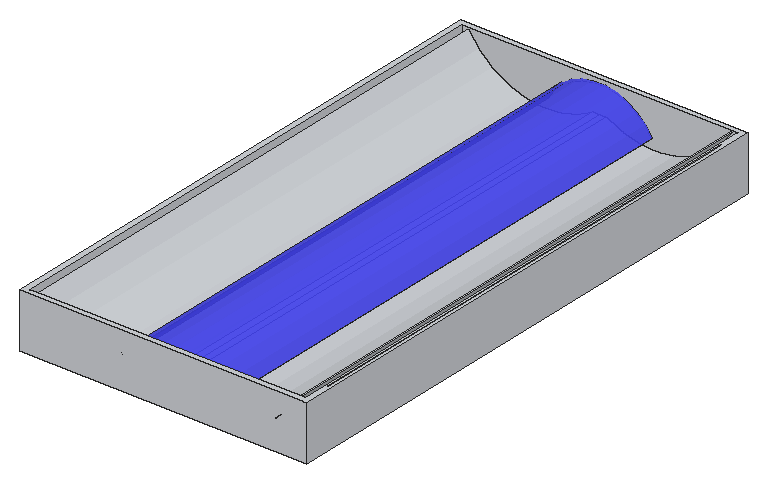
Revit family "LTRE24-RECESSED", category Lighting Fixtures, host Face, Revit 2021
Family settings
  Host = Face
  Round Connector Dimension = Use Diameter
  Part Type = Normal
  Cut with Voids When Loaded = No
  Light Source = Yes
  Shared = No
  Room Calculation Point = No
Parameters (values of type "LTRE24-40MLG-RFA-ESD")
  Wattage Comments = "51"
  Wattage = 9.2903 W
  WIDTH = 2' - 0"
  built-in parameter 1150110 = 1 (stored number, unit not read)
  Voltage = 0 V
  URL = "https://www.currentlighting.com/columbia"
  built-in parameter 1114217 = 1 (stored number, unit not read)
  Tilt Angle = 90.00°
  built-in parameter 1150109 = 1 (stored number, unit not read)
  built-in parameter 1150134 = 3
  built-in parameter 1150113 = 1 (stored number, unit not read)
  Shield = Glass
  Product Page URL = ""
  Product Documentation Link = ""
  Power Factor = 1
  Photometric Web File = "6828.ies"
  Number of Poles = 1
  Model = "LTRE22"
  Manufacturer = "COLUMBIA"
  built-in parameter 1150105 = -1556640 (stored number, unit not read)
  Lumens = 1380 lm
  built-in parameter 1150115 = 1 (stored number, unit not read)
  built-in parameter 1150137 = (empty or 0)
  built-in parameter 1150139 = (empty or 0)
  built-in parameter 1150112 = 1 (stored number, unit not read)
  built-in parameter 1150114 = 1 (stored number, unit not read)
  Lamp = ""
  LEGNTH = 4' - 6"
  built-in parameter 1150132 = (empty or 0)
  built-in parameter 1150102 = (empty or 0)
  built-in parameter 1150107 = 3200 (stored number, unit not read)
  built-in parameter 1150138 = (empty or 0)
  built-in parameter 1150106 = -15566.4 (stored number, unit not read)
  Emit from Line Length = 2' - 0"
  built-in parameter 1150104 = 13.8 (stored number, unit not read)
  Dimming Lamp Color Temperature Shift = <None>
  Default Elevation = 4' - 0"
  Color Filter = 16777215
  built-in parameter 1114218 = 1 (stored number, unit not read)
  built-in parameter 1150133 = 10 (stored number, unit not read)
  Apparent Load = 0 VA
Types (19): name | Wattage Comments | Photometric Web File
  (no name) | "51" | "6828.ies"
  LTRE22-30HLG-RFA-EU | "40" | "6811.ies"
  LTRE22-30LWG-RFA-EU | "24" | "6805.ies"
  LTRE22-30MLG-RFA-EU | "30" | "6808.ies"
  LTRE22-30VLG-RFA-EU | "51" | "6814.ies"
  LTRE22-35HLG-RFA-EU | "40" | "6812.ies"
  LTRE22-35LWG-RFA-EU | "24" | "6806.ies"
  LTRE22-35MLG-RFA-EU | "30" | "6809.ies"
  LTRE22-35VLG-RFA-EU | "51" | "6815.ies"
  LTRE22-40HLG-RFA-EU | "40" | "6813.ies"
  LTRE22-40LWG-RFA-EU | "24" | "6807.ies"
  LTRE22-40MLG-RFA-EU | "24" | "6807.ies"
  LTRE22-40VLG-RFA-EU | "51" | "6816.ies"
  LTRE24-30LWG-RFA-EU | "40" | "6823.ies"
  LTRE24-30MLG-RFA-ESD | "51" | "6826.ies"
  LTRE24-35LWG-RFA-EU | "40" | "6824.ies"
  LTRE24-35MLG-RFA-ESD | "51" | "6827.ies"
  LTRE24-40LWG-RFA-ESD | "40" | "6825.ies"
  LTRE24-40MLG-RFA-ESD | "51" | "6828.ies"
Reference planes (in)
  plane 1 "Center (Front/Back)": y = 0
  plane 2: z = 0
  plane 3 "Center (Left/Right)": x = 0
  plane 4: x = -12.5
  plane 5: x = 12.5
  plane 6: z = -4
  plane 7: x = -12
  plane 8: x = 12
  plane 9: x = -4.63604
  plane 10: x = 4.63604
  plane 11: y = -24
  plane 12: y = 24
  plane 13: y = -23.5
  plane 14: y = 23.5
Forms (in)
  Extrusion 1, solid
    sketch origin (0, 0, 0) x (1, 0, 0) y (0, 1, 0)
      loop
        line (-12.5, 24) -> (-12.5, -24) -> (12.5, -24) -> (12.5, 24) -> (-12.5, 24)
    from 0 to -4.75
  Extrusion 2, void
    sketch origin (0, 0, 0) x (1, 0, 0) y (0, 1, 0)
      loop
        line (-12, 23.5) -> (-12, -23.5) -> (12, -23.5) -> (12, 23.5) -> (-12, 23.5)
    from 0 to -4
  Extrusion 3, solid
    sketch origin (0, 0, 0) x (1, 0, 0) y (0, 0, 1)
      loop
        line (0, -2.75) -> (-0.61819, -2.75)
        arc (-0.61819, -2.75) -> (-6.56796, -3.67674) -> (-11.43038, -0.12492) r 7.86748
        line (-11.43038, -0.12492) -> (-11.49076, -0.1853)
        arc (-11.49076, -0.1853) -> (-6.60832, -3.81529) -> (-0.60424, -2.83246) r 7.79718
        line (-0.60424, -2.83246) -> (0, -2.83246) -> (0.60424, -2.83246)
        arc (0.60424, -2.83246) -> (6.60832, -3.81529) -> (11.49076, -0.1853) r 7.79718
        line (11.49076, -0.1853) -> (11.43038, -0.12492)
        arc (11.43038, -0.12492) -> (6.56796, -3.67674) -> (0.61819, -2.75) r 7.86748
        line (0.61819, -2.75) -> (0, -2.75)
    from 23.5 to -23.5
  Extrusion 4, solid, material "Glass" <- "Shield"
    sketch origin (0, 0, 0) x (1, 0, 0) y (0, 0, 1)
      loop
        line (-4.60467, -2.94299) -> (-4.44291, -3.10475)
        arc (-4.44291, -3.10475) -> (0.04419, -0.4044) -> (4.53129, -3.10475) r 5.07822
        line (4.53129, -3.10475) -> (4.63604, -3)
        arc (4.63604, -3) -> (0.03254, -0.24055) -> (-4.60467, -2.94299) r 5.27405
    from 23.5 to -23.5
Cuts and joins
  Extrusion 2 cuts Extrusion 1
Dimensions and locks (in)
  aligned and locked: plane 2 to host face
  aligned and locked: level to host face
Connectors (in)
  electrical at (0, 0, 0), driven by "Number of Poles", driven by "Voltage", driven by "Apparent Load", driven by "Power Factor"
    settings: on host face, index 1, voltage 0 V, apparent load 0 VA, apparent load phase1 0 VA, apparent load phase2 0 VA, apparent load phase3 0 VA, power factor 1, load classification "Other", number of poles 1, system type 31, power factor state 1, is connector primary yes, connector utility yes, sub classification motor no, connector description "Power"
